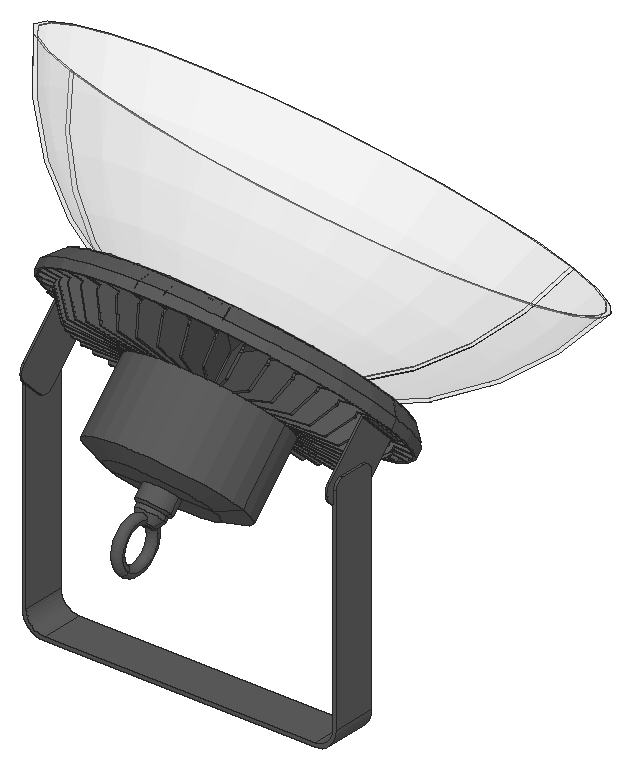
Revit family "0039362+0039353+0039358 Sylvania Lighting Fixture START HighBay IP65 DALI 13000lm 840 MB with BRACKET and PC LAMPSHADE TRANSPARENT 13 19KLM", category Lighting Fixtures, host Face, Revit 2016
Family settings
  Host = Face
  Part Type = Normal
  Round Connector Dimension = Use Diameter
  OmniClass Number = 23.80.70.00
  OmniClass Title = Lighting
  Cut with Voids When Loaded = No
  Light Source = No
  Shared = No
  Room Calculation Point = No
Parameters (values of type "0039362+0039353+0039358  START HighBay IP65 DALI 13000lm 840 MB with BRACKET and PC LAMPSHADE TRANSPARENT 13/19KLM")
  Weight = "3.0 kg"
  Wattage Comments = ""
  WarrantyStartDate [instance] = "n/a"
  WarrantyGuarantorParts = "n/a"
  WarrantyDurationUnit = "n/a"
  WarrantyDurationParts = "n/a"
  WarrantyDescription = "n/a"
  Voltage = 0 V
  URL = "http://www.sylvania-lighting.com"
  TypeName = "START HighBay IP65 DALI 13000lm 840 MB with BRACKET and PC LAMPSHADE TRANSPARENT 13/19KLM"
  TypeHead_FEILO = Start LED Highbay DALI Head : 0039362+0039353+0039358 START HighBay IP65 DALI 13000lm 840 MB with BRACKET and PC LAMPSHADE TRANSPARENT 13/19KLM
  Type Image = <None>
  Type Comments = "n/a"
  TiltAngle_FEILO [instance] = 45.00°
  ThicknessBracketPlate_FEILO = 3 mm
  SizeBracketS_FEILO = yes
  SizeBracketM_FEILO = no
  SerialNumber [instance] = "n/a"
  RadiusBracketTop_FEILO = 7 mm
  RadiusBendOut_FEILO = if(SizeBracketS_FEILO, 18 mm, if(SizeBracketM_FEILO, 24 mm, 28 mm))  # 18 mm
  RadiusBendIn_FEILO = RadiusBendOut_FEILO - ThicknessBracketPlate_FEILO  # 15 mm
  Material_3_FEILO = none
  PowerFactor = 0.95
  PowerConsumption = "90 W"
  NominalLength = 270 mm
  NominalHeight = 175 mm
  NominalDepth = 270 mm
  Name = "START HighBay IP65 DALI 13000lm 840 MB with BRACKET and PC LAMPSHADE TRANSPARENT 13/19KLM"
  ModelReference = Name  # "START HighBay IP65 DALI 13000lm 840 MB with BRACKET and PC LAMPSHADE TRANSPARENT 13/19KLM"
  ModelNumber = "0039362+0039353+0039358"
  Model = Name  # "START HighBay IP65 DALI 13000lm 840 MB with BRACKET and PC LAMPSHADE TRANSPARENT 13/19KLM"
  Material = "aluminium alloy housing, polycarbonate diffuser"
  ManufacturerName = "Feilo Sylvania"
  Manufacturer = "Feilo Sylvania"
  LuminousEfficacy = "130 lm/W"
  LuminaireType = ""
  LightOutputRatio = "n/a"
  LampsType = Lamp  # "LED"
  LampNominalLuminous = "11700 lm"
  LampMacAdamStep = "6"
  LampColourTemperature = "4000 K"
  LampColourRenderingIndex = "80"
  Lamp = "LED"
  Keynote = "16500"
  InstallationDate [instance] = "n/a"
  InputVoltage = "n/a"
  InputNominalFrequency = "50/60 Hz"
  IngressProtection = "IP65"
  ImpactProtectionIndex = "IK08"
  IfcExportType = "IfcLightFixtureType"
  IfcExportAs = "IfcLightFixtureType"
  ExpectedLife = 50000
  EndAngle_FEILO [instance] = TiltAngle_FEILO + 180.00°  # 225.00°
  ElectricShockClassification = "Class I"
  DurationUnit = "hours"
  DocumentationLiterature = "http://www.sylvania-lighting.com/product/en-int/products/0039362"
  DimmingControlOptions = "Dimmable"
  Material_2_FEILO = none
  Description = "START Highbay, includes 1 m cables, black aluminium housing, 11,700 Lm, 90 W, 130 Lm/W, 4000 K, drive current: 2000 mA, CRI 80, 60° beam angle, DALI dimmable, IP65, IK08, 50,000 hrs (L80/B50), (D x H) 270 x 175 mm."
  Default Elevation = 1219.2 mm
  CreatedOn = "5/15/2018"
  CreatedBy = "aron.fodor@sylvania-lighting.com"
  Cost = 0
  built-in parameter 1114216 [instance] = (empty or 0)
  ClassificationValue = "EF_70_80"
  ClassificationName = "Uniclass2015"
  Material_1_FEILO = Body-Sylvania-StartHighbay-Black
  BracketHeight_FEILO = if(SizeBracketS_FEILO, 199.5 mm, if(SizeBracketM_FEILO, 209.6 mm, 201.3 mm))  # 199.5 mm
  BracketDistanceInner_FEILO = if(SizeBracketS_FEILO, 249.4 mm, if(SizeBracketM_FEILO, 273.6 mm, 313.2 mm))  # 249.4 mm
  BarCode [instance] = "n/a"
  AssetType = "Fixed"
  AssetIdentifier [instance] = "n/a"
  Assembly Code = "D5020200"
  Apparent Load = 90 VA
  Material_4_FEILO = none
Reference planes
  plane 1 "Center (Front/Back)": y = 0
  plane 2: z = 0
  plane 3 "Center (Left/Right)": x = 0
  plane 4: x = -127.7
  plane 5: x = 127.7
  plane 6: z = 199.5
  plane 7: x = -124.7
  plane 8: z = 3
  plane 9: x = 124.7
  plane 10: y = 17.5
  plane 11: y = -17.5
  plane 12: y = -19.5
  plane 13: z = 201.5
  plane 14: y = 19.5
  plane 15: z = 190.5
Forms (mm)
  Extrusion 1, solid, material "Body-Sylvania-StartHighbay-Black" <- "Material_1_FEILO"
    sketch origin (0, 0, 0) x (1, 0, 0) y (0, 0, 1)
      loop
        line (-127.7, 199.5) -> (-127.7, 18)
        arc (-127.7, 18) -> (-122.428, 5.272) -> (-109.7, 0) r 18
        line (-109.7, 0) -> (109.7, 0)
        arc (109.7, 0) -> (122.428, 5.272) -> (127.7, 18) r 18
        line (127.7, 18) -> (127.7, 199.5) -> (124.7, 199.5) -> (124.7, 18)
        arc (124.7, 18) -> (120.307, 7.393) -> (109.7, 3) r 15
        line (109.7, 3) -> (-109.7, 3)
        arc (-109.7, 3) -> (-120.307, 7.393) -> (-124.7, 18) r 15
        line (-124.7, 18) -> (-124.7, 199.5) -> (-127.7, 199.5)
    from -17.5 to 17.5
  Extrusion 2, void
    sketch origin (0, 0, 0) x (0, 1, 0) y (0, 0, 1)
      loop
        arc (10.5, 199.5) -> (15.45, 197.45) -> (17.5, 192.5) r 7
        line (17.5, 192.5) -> (19.5, 192.5) -> (19.5, 201.5) -> (-19.5, 201.5) -> (-19.5, 192.5) -> (-17.5, 192.5)
        arc (-17.5, 192.5) -> (-15.45, 197.45) -> (-10.5, 199.5) r 7
        line (-10.5, 199.5) -> (10.5, 199.5)
    from -127.7 to 127.7
  Revolve 3, solid, not visible
    sketch origin (1223.4, -4572, 190.5) x (0, -1, 0) y (1, 0, 0)
      loop
        line (-4572, -1223.4) -> (-4591.5, -1223.4) -> (-4591.5, -1277.783) -> (-4572, -1277.783) -> (-4572, -1223.4)
      axis (-4572, -1223.4) -> (-4572, -1277.783)
    angle from 45 <- "TiltAngle_FEILO" to 225 <- "EndAngle_FEILO"
Cuts and joins
  Extrusion 2 cuts Extrusion 1
Dimensions and locks
  "BracketHeight_FEILO": plane 6 to plane 2
  equal spacing: plane 11, plane 1 "Center (Front/Back)", plane 10
  locked: plane 11 to plane 10 at 35
  equal spacing: plane 9, plane 3 "Center (Left/Right)", plane 7
  "BracketDistanceInner_FEILO": plane 9 to plane 7
  "ThicknessBracketPlate_FEILO": plane 7 to plane 4
  "ThicknessBracketPlate_FEILO": plane 8 to plane 2
  equal spacing: plane 5, plane 3 "Center (Left/Right)", plane 4
  equal spacing: plane 12, plane 1 "Center (Front/Back)", plane 14
  locked: plane 6 to plane 13 at 2
  locked: plane 12 to plane 11 at 2
  locked: plane 6 to plane 15 at 9
  "RadiusBendOut_FEILO": radius of Extrusion 1 sketch curve  (x2)
  "RadiusBendIn_FEILO": radius of Extrusion 1 sketch curve  (x2)
  "RadiusBracketTop_FEILO": radius of Extrusion 2 sketch curve  (x2)
  aligned and locked: plane 2 to host face
  aligned and locked: level to host face
  aligned and locked: Extrusion 1 sketch curve to plane 4
  aligned and locked: Extrusion 1 sketch curve to level
  aligned and locked: plane 6 to Extrusion 1 sketch curve
  aligned and locked: Extrusion 1 sketch curve to plane 6
  aligned and locked: Extrusion 1 sketch curve to plane 7
  aligned and locked: plane 9 to Extrusion 1 sketch curve
  aligned and locked: plane 8 to Extrusion 1 sketch curve
  aligned and locked: Extrusion 1 to plane 10
  aligned and locked: plane 11 to Extrusion 1
  aligned and locked: Extrusion 1 to Extrusion 2 sketch curve
  aligned and locked: plane 14 to Extrusion 2 sketch curve  (x2)
  aligned and locked: Extrusion 2 sketch curve to plane 12
  aligned and locked: plane 13 to Extrusion 2 sketch curve
  aligned and locked: plane 5 to Extrusion 2
  aligned and locked: Extrusion 2 to plane 4
  aligned and locked: Revolve 3 sketch curve to plane 1 "Center (Front/Back)"
  aligned and locked: Revolve 3 sketch curve to Revolve 3 sketch curve
  aligned and locked: plane 3 "Center (Left/Right)" to Revolve 3 sketch curve
  aligned and locked: Revolve 3 sketch curve to plane 14
  aligned and locked: nested 1 to plane 3 "Center (Left/Right)"
Automatic sketch dimensions
  host sketch curve to host sketch curve = 2438.4 mm  (x2)
  Revolve 3 sketch curve to Revolve 3 sketch curve = 54.383 mm
  Revolve 3 sketch curve to plane 4 = 1396.3 mm
  plane 5 to Revolve 3 sketch curve = 1396.3 mm
  Extrusion 1 sketch curve to Extrusion 1 sketch curve = 0 mm
  Extrusion 2 sketch curve to plane 11 = 0 mm
  Extrusion 2 sketch curve to plane 10 = 0 mm
Nested families
  nested 1: "Start LED Highbay DALI Head" at (0, 0, 190.5) x (-1, 0, 0) z (0, 0.7071, 0.7071), type <- "TypeHead_FEILO", type "0039362+0039353+0039358 START HighBay IP65 DALI 13000lm 840 MB with BRACKET and PC LAMPSHADE TRANSPARENT 13/19KLM"
    with built-in parameter 1114216 (empty or 0)
Connectors
  electrical at (0, 0, 0), driven by "Apparent Load", driven by "PowerFactor", driven by "Voltage"
    settings: index 1, voltage 0 V, apparent load 90 VA, apparent load phase1 0 VA, apparent load phase2 0 VA, apparent load phase3 0 VA, power factor 0.95, load classification "Lighting", number of poles 1, system type 30, power factor state 1, is connector primary yes, connector utility no, sub classification motor no, connector description ""
Definition of nested family "Start LED Highbay DALI Head"
  Parameters (values of type "0039367+0039355+0039361 START HighBay IP65 DALI 26000lm 840 WB with BRACKET and PC LAMPSHADE TRANSPARENT FOR 26KLM")
    X_FEILO = if(SizeS_FEILO, 60.3 mm, if(SizeM_FEILO, 70.4 mm, 83.5 mm))  # 83.5 mm
    WidthStraight_FEILO = if(SizeS_FEILO, 3 mm, if(SizeM_FEILO, 4 mm, 4.7 mm))  # 4.7 mm
    WidthRingChamfer_FEILO = if(SizeS_FEILO, 10.3 mm, if(SizeM_FEILO, 11.2 mm, 12.9 mm))  # 12.9 mm
    WidthCurved_FEILO = if(SizeS_FEILO, 17.4 mm, if(SizeM_FEILO, 16.4 mm, 26.2 mm))  # 26.2 mm
    WidthCurvedRing_FEILO = if(SizeS_FEILO, 3 mm, if(SizeM_FEILO, 4 mm, 4.7 mm))  # 4.7 mm
    WidthBracket_FEILO = 40 mm
    Wattage Comments = ""
    Wattage = 190 W
    built-in parameter 1150110 = 1 (stored number, unit not read)
    URL = "http://www.sylvania-lighting.com"
    Type Image = (empty or 0)
    Type Comments = "n/a"
    built-in parameter 1114217 = 1 (stored number, unit not read)
    Tilt Angle = -90.00°
    ThicknessWall_FEILO = 1.5 mm
    ThicknessBracket_FEILO = 1.5 mm
    ThicknessBracketHalf_FEILO = ThicknessBracket_FEILO / 2  # 0.75 mm
    built-in parameter 1150109 = 1 (stored number, unit not read)
    built-in parameter 1150134 = 1
    built-in parameter 1150113 = 1 (stored number, unit not read)
    SizeS_FEILO = no
    SizeM_FEILO = no
    ShadeThickness_FEILO = 3 mm
    ShadeSizeSM_FEILO = or(SizeS_FEILO, SizeM_FEILO)  # no
    ShadeRadiusOut_FEILO = 205 mm
    ShadeRadiusIn_FEILO = if(ShadeSizeSM_FEILO, 95 mm, 121 mm)  # 121 mm
    ShadeRadiusBend_FEILO = if(ShadeSizeSM_FEILO, 210 mm, 210 mm)  # 210 mm
    ShadeOn_FEILO = yes
    ShadeHeight_FEILO = if(ShadeSizeSM_FEILO, 120 mm, 151 mm)  # 151 mm
    Rib4_FEILO = if(SizeS_FEILO, 18.1 mm, if(SizeM_FEILO, 13.6 mm, 14.6 mm))  # 14.6 mm
    Rib3_FEILO = if(SizeS_FEILO, 15.3 mm, if(SizeM_FEILO, 17.6 mm, 20.2 mm))  # 20.2 mm
    Rib2_FEILO = if(SizeS_FEILO, 3.6 mm, if(SizeM_FEILO, 3.9 mm, 4.5 mm))  # 4.5 mm
    Rib1_FEILO = if(SizeS_FEILO, 15.1 mm, if(SizeM_FEILO, 16.5 mm, 19 mm))  # 19 mm
    RadiusDiffuser_FEILO = if(SizeS_FEILO, 95.2 mm, if(SizeM_FEILO, 105.3 mm, 120 mm))  # 120 mm
    RadiusArrayPost_FEILO = DriverRadius_FEILO - 6 mm  # 70.4 mm
    RHRadius3_FEILO = if(SizeS_FEILO, 6.6 mm, if(SizeM_FEILO, 7.4 mm, 8.6 mm))  # 8.6 mm
    RHRadius2_FEILO = if(SizeS_FEILO, 11 mm, if(SizeM_FEILO, 12 mm, 14 mm))  # 14 mm
    RHRadius1_FEILO = if(SizeS_FEILO, 13.6 mm, if(SizeM_FEILO, 14.9 mm, 17.7 mm))  # 17.7 mm
    RHHeight4_FEILO = if(SizeS_FEILO, 7.3 mm, if(SizeM_FEILO, 8 mm, 9.2 mm))  # 9.2 mm
    RHHeight3_FEILO = if(SizeS_FEILO, 3.6 mm, if(SizeM_FEILO, 3.7 mm, 4.6 mm))  # 4.6 mm
    RHHeight2_FEILO = if(SizeS_FEILO, 2 mm, if(SizeM_FEILO, 2.2 mm, 2.6 mm))  # 2.6 mm
    RHHeight1_FEILO = if(SizeS_FEILO, 11.8 mm, if(SizeM_FEILO, 15.3 mm, 17.4 mm))  # 17.4 mm
    Photometric Web File = "0039367+0039361.ies"
    Material_5_FEILO = none
    Material_3_FEILO = none
    Model = "START HighBay IP65 DALI 26000lm 840 WB with BRACKET and PC LAMPSHADE TRANSPARENT FOR 26KLM"
    Manufacturer = "Feilo Sylvania"
    built-in parameter 1150105 = 33385.3 (stored number, unit not read)
    Lumens = 24700 lm
    built-in parameter 1150115 = 1 (stored number, unit not read)
    built-in parameter 1150137 = (empty or 0)
    built-in parameter 1150139 = (empty or 0)
    built-in parameter 1150112 = 1 (stored number, unit not read)
    built-in parameter 1150114 = 1 (stored number, unit not read)
    Lamp = "LED"
    Keynote = "16500"
    built-in parameter 1150132 = (empty or 0)
    built-in parameter 1150102 = (empty or 0)
    built-in parameter 1150107 = 6500 (stored number, unit not read)
    built-in parameter 1150138 = (empty or 0)
    built-in parameter 1150106 = 333.85 (stored number, unit not read)
    HeightRing_FEILO = if(SizeS_FEILO, 19.8 mm, if(SizeM_FEILO, 32 mm, 36.8 mm))  # 36.8 mm
    HeightRingChamfer_FEILO = if(SizeS_FEILO, 11.7 mm, if(SizeM_FEILO, 23.2 mm, 26.6 mm))  # 26.6 mm
    EyeThickness_FEILO = if(SizeS_FEILO, 8.4 mm, if(SizeM_FEILO, 9.2 mm, 10.5 mm))  # 10.5 mm
    EyeThicknessHalf_FEILO = EyeThickness_FEILO / 2  # 5.25 mm
    EyeInner_FEILO = if(SizeS_FEILO, 13.8 mm, if(SizeM_FEILO, 15.1 mm, 17.3 mm))  # 17.3 mm
    Emit from Circle Diameter = RadiusDiffuser_FEILO * 2  # 240 mm
    Emit Shape Visible in Rendering = no
    built-in parameter 1150104 = 12.077 (stored number, unit not read)
    DriverVerticalStraight_FEILO = if(SizeS_FEILO, 46.5 mm, if(SizeM_FEILO, 49.7 mm, 57 mm))  # 57 mm
    DriverVerticalChamfer_FEILO = if(SizeS_FEILO, 7.5 mm, if(SizeM_FEILO, 8.2 mm, 9.5 mm))  # 9.5 mm
    DriverRadius_FEILO = if(SizeS_FEILO, 61.4 mm, if(SizeM_FEILO, 67.2 mm, 76.4 mm))  # 76.4 mm
    DriverRadiusTop_FEILO = if(SizeS_FEILO, 42 mm, if(SizeM_FEILO, 45.3 mm, 52.4 mm))  # 52.4 mm
    DriverBottom_FEILO = if(SizeS_FEILO, 56 mm, if(SizeM_FEILO, 64.5 mm, 74 mm))  # 74 mm
    Material_2_FEILO = none
    Radius_FEILO = if(SizeS_FEILO, 135 mm, if(SizeM_FEILO, 148 mm, 169.5 mm))  # 169.5 mm
    Dimming Lamp Color Temperature Shift = (empty or 0)
    DiameterWire_FEILO = 3 mm
    DiameterWireSupport_FEILO = 10 mm
    Description = "START Highbay, includes 1 m cables, black aluminium housing, 24,700 Lm, 190 W, 130 Lm/W, 6500 K, drive current: 4100 mA, CRI 80, 90° beam angle, DALI dimmable, IP65, IK08, 50,000 hrs (L80/B50), (D x H) 339 x 189 mm."
    Default Elevation = 1219.2 mm
    Cost = 0
    Color Filter = 16777215
    built-in parameter 1114216 [instance] = (empty or 0)
    Material_1_FEILO = none
    built-in parameter 1114218 = 1 (stored number, unit not read)
    built-in parameter 1150133 = 10 (stored number, unit not read)
    Assembly Code = "D5020200"
    Apparent Load = 190 VA
    Material_4_FEILO = none
  Types (24, lengths in mm): name | X_FEILO | WidthStraight_FEILO | WidthRingChamfer_FEILO | WidthCurved_FEILO | WidthCurvedRing_FEILO | Wattage | built-in parameter 1150134 | SizeS_FEILO | SizeM_FEILO | ShadeSizeSM_FEILO | ShadeRadiusIn_FEILO | ShadeOn_FEILO | ShadeHeight_FEILO | Rib4_FEILO | Rib3_FEILO | Rib2_FEILO | Rib1_FEILO | RadiusDiffuser_FEILO | RadiusArrayPost_FEILO | RHRadius3_FEILO | RHRadius2_FEILO | RHRadius1_FEILO | RHHeight4_FEILO | RHHeight3_FEILO | RHHeight2_FEILO | RHHeight1_FEILO | Photometric Web File | Model | built-in parameter 1150105 | Lumens | built-in parameter 1150107 | built-in parameter 1150106 | HeightRing_FEILO | HeightRingChamfer_FEILO | EyeThickness_FEILO | EyeThicknessHalf_FEILO | EyeInner_FEILO | Emit from Circle Diameter | DriverVerticalStraight_FEILO | DriverVerticalChamfer_FEILO | DriverRadius_FEILO | DriverRadiusTop_FEILO | DriverBottom_FEILO | Radius_FEILO | Description | Apparent Load
    0039367+0039355+0039361 START HighBay IP65 DALI 26000lm 840 WB with BRACKET and PC LAMPSHADE TRANSPARENT FOR 26KLM | 83.5 | 4.7 | 12.9 | 26.2 | 4.7 | 190 W | 1 | no | no | no | 121 | yes | 151 | 14.6 | 20.2 | 4.5 | 19 | 120 | 70.4 | 8.6 | 14 | 17.7 | 9.2 | 4.6 | 2.6 | 17.4 | "0039367+0039361.ies" | "START HighBay IP65 DALI 26000lm 840 WB with BRACKET and PC LAMPSHADE TRANSPARENT FOR 26KLM" | 33385.3 (stored number, unit not read) | 24700 lm | 6500 (stored number, unit not read) | 333.85 (stored number, unit not read) | 36.8 | 26.6 | 10.5 | 5.25 | 17.3 | 240 | 57 | 9.5 | 76.4 | 52.4 | 74 | 169.5 | "START Highbay, includes 1 m cables, black aluminium housing, 24,700 Lm, 190 W, 130 Lm/W, 6500 K, drive current: 4100 mA, CRI 80, 90° beam angle, DALI dimmable, IP65, IK08, 50,000 hrs (L80/B50), (D x H) 339 x 189 mm." | 190 VA
    0039367+0039355+0039360 START HighBay IP65 DALI 26000lm 840 WB with BRACKET and ALU SHADE BLACK COLOR FOR 26KLM | 83.5 | 4.7 | 12.9 | 26.2 | 4.7 | 190 W | 1 | no | no | no | 121 | yes | 151 | 14.6 | 20.2 | 4.5 | 19 | 120 | 70.4 | 8.6 | 14 | 17.7 | 9.2 | 4.6 | 2.6 | 17.4 | "0039367+0039360.ies" | "START HighBay IP65 DALI 26000lm 840 WB with BRACKET and ALU SHADE BLACK COLOR FOR 26KLM" | 33569.2 (stored number, unit not read) | 24700 lm | 6500 (stored number, unit not read) | 335.69 (stored number, unit not read) | 36.8 | 26.6 | 10.5 | 5.25 | 17.3 | 240 | 57 | 9.5 | 76.4 | 52.4 | 74 | 169.5 | "START Highbay, includes 1 m cables, black aluminium housing, 24,700 Lm, 190 W, 130 Lm/W, 6500 K, drive current: 4100 mA, CRI 80, 90° beam angle, DALI dimmable, IP65, IK08, 50,000 hrs (L80/B50), (D x H) 339 x 189 mm." | 190 VA
    0039367+0039355+0039359 START HighBay IP65 DALI 26000lm 840 WB with BRACKET and ALU SHADE ALU COLOR FOR 26KLM | 83.5 | 4.7 | 12.9 | 26.2 | 4.7 | 190 W | 1 | no | no | no | 121 | yes | 151 | 14.6 | 20.2 | 4.5 | 19 | 120 | 70.4 | 8.6 | 14 | 17.7 | 9.2 | 4.6 | 2.6 | 17.4 | "0039367+0039359.ies" | "START HighBay IP65 DALI 26000lm 840 WB with BRACKET and ALU SHADE ALU COLOR FOR 26KLM" | 33569.2 (stored number, unit not read) | 24700 lm | 6500 (stored number, unit not read) | 335.69 (stored number, unit not read) | 36.8 | 26.6 | 10.5 | 5.25 | 17.3 | 240 | 57 | 9.5 | 76.4 | 52.4 | 74 | 169.5 | "START Highbay, includes 1 m cables, black aluminium housing, 24,700 Lm, 190 W, 130 Lm/W, 6500 K, drive current: 4100 mA, CRI 80, 90° beam angle, DALI dimmable, IP65, IK08, 50,000 hrs (L80/B50), (D x H) 339 x 189 mm." | 190 VA
    0039367+0039355 START HighBay IP65 DALI 26000lm 840 WB with BRACKET | 83.5 | 4.7 | 12.9 | 26.2 | 4.7 | 190 W | 1 | no | no | no | 121 | no | 151 | 14.6 | 20.2 | 4.5 | 19 | 120 | 70.4 | 8.6 | 14 | 17.7 | 9.2 | 4.6 | 2.6 | 17.4 | "0039367.ies" | "START HighBay IP65 DALI 26000lm 840 WB with BRACKET" | 13532 (stored number, unit not read) | 24700 lm | 6500 (stored number, unit not read) | 135.32 (stored number, unit not read) | 36.8 | 26.6 | 10.5 | 5.25 | 17.3 | 240 | 57 | 9.5 | 76.4 | 52.4 | 74 | 169.5 | "START Highbay, includes 1 m cables, black aluminium housing, 24,700 Lm, 190 W, 130 Lm/W, 6500 K, drive current: 4100 mA, CRI 80, 90° beam angle, DALI dimmable, IP65, IK08, 50,000 hrs (L80/B50), (D x H) 339 x 189 mm." | 190 VA
    0039366+0039354+0039358 START HighBay IP65 DALI 19000lm 840 WB with BRACKET and PC LAMPSHADE TRANSPARENT 13/19KLM | 70.4 | 4 | 11.2 | 16.4 | 4 | 150 W | 1 | no | yes | yes | 95 | yes | 120 | 13.6 | 17.6 | 3.9 | 16.5 | 105.3 | 61.2 | 7.4 | 12 | 14.9 | 8 | 3.7 | 2.2 | 15.3 | "0039366+0039358.ies" | "START HighBay IP65 DALI 19000lm 840 WB with BRACKET and PC LAMPSHADE TRANSPARENT 13/19KLM" | 26356.9 (stored number, unit not read) | 19500 lm | 6500 (stored number, unit not read) | 263.57 (stored number, unit not read) | 32 | 23.2 | 9.2 | 4.6 | 15.1 | 210.6 | 49.7 | 8.2 | 67.2 | 45.3 | 64.5 | 148 | "START Highbay, includes 1 m cables, black aluminium housing, 19,500 Lm, 150 W, 130 Lm/W, 6500 K, drive current: 3300 mA, CRI 80, 90° beam angle, DALI dimmable, IP65, IK08, 50,000 hrs (L80/B50), (D x H) 296 x 172 mm." | 150 VA
    0039366+0039354+0039357 START HighBay IP65 DALI 19000lm 840 WB with BRACKET and ALU SHADE BLACK COLOR FOR 13/19KLM | 70.4 | 4 | 11.2 | 16.4 | 4 | 150 W | 1 | no | yes | yes | 95 | yes | 120 | 13.6 | 17.6 | 3.9 | 16.5 | 105.3 | 61.2 | 7.4 | 12 | 14.9 | 8 | 3.7 | 2.2 | 15.3 | "0039366+0039357.ies" | "START HighBay IP65 DALI 19000lm 840 WB with BRACKET and ALU SHADE BLACK COLOR FOR 13/19KLM" | 26502 (stored number, unit not read) | 19500 lm | 6500 (stored number, unit not read) | 265.02 (stored number, unit not read) | 32 | 23.2 | 9.2 | 4.6 | 15.1 | 210.6 | 49.7 | 8.2 | 67.2 | 45.3 | 64.5 | 148 | "START Highbay, includes 1 m cables, black aluminium housing, 19,500 Lm, 150 W, 130 Lm/W, 6500 K, drive current: 3300 mA, CRI 80, 90° beam angle, DALI dimmable, IP65, IK08, 50,000 hrs (L80/B50), (D x H) 296 x 172 mm." | 150 VA
    0039366+0039354+0039356 START HighBay IP65 DALI 19000lm 840 WB with BRACKET and ALU SHADE ALU COLOR FOR 13/19KLM | 70.4 | 4 | 11.2 | 16.4 | 4 | 150 W | 1 | no | yes | yes | 95 | yes | 120 | 13.6 | 17.6 | 3.9 | 16.5 | 105.3 | 61.2 | 7.4 | 12 | 14.9 | 8 | 3.7 | 2.2 | 15.3 | "0039366+0039356.ies" | "START HighBay IP65 DALI 19000lm 840 WB with BRACKET and ALU SHADE ALU COLOR FOR 13/19KLM" | 26502 (stored number, unit not read) | 19500 lm | 6500 (stored number, unit not read) | 265.02 (stored number, unit not read) | 32 | 23.2 | 9.2 | 4.6 | 15.1 | 210.6 | 49.7 | 8.2 | 67.2 | 45.3 | 64.5 | 148 | "START Highbay, includes 1 m cables, black aluminium housing, 19,500 Lm, 150 W, 130 Lm/W, 6500 K, drive current: 3300 mA, CRI 80, 90° beam angle, DALI dimmable, IP65, IK08, 50,000 hrs (L80/B50), (D x H) 296 x 172 mm." | 150 VA
    0039366+0039354 START HighBay IP65 DALI 19000lm 840 WB with BRACKET | 70.4 | 4 | 11.2 | 16.4 | 4 | 150 W | 1 | no | yes | yes | 95 | no | 120 | 13.6 | 17.6 | 3.9 | 16.5 | 105.3 | 61.2 | 7.4 | 12 | 14.9 | 8 | 3.7 | 2.2 | 15.3 | "0039366.ies" | "START HighBay IP65 DALI 19000lm 840 WB with BRACKET" | 10981.5 (stored number, unit not read) | 19500 lm | 6500 (stored number, unit not read) | 109.82 (stored number, unit not read) | 32 | 23.2 | 9.2 | 4.6 | 15.1 | 210.6 | 49.7 | 8.2 | 67.2 | 45.3 | 64.5 | 148 | "START Highbay, includes 1 m cables, black aluminium housing, 19,500 Lm, 150 W, 130 Lm/W, 6500 K, drive current: 3300 mA, CRI 80, 90° beam angle, DALI dimmable, IP65, IK08, 50,000 hrs (L80/B50), (D x H) 296 x 172 mm." | 150 VA
    0039365+0039353+0039358 START HighBay IP65 DALI 13000lm 840 WB with BRACKET and PC LAMPSHADE TRANSPARENT 13/19KLM | 60.3 | 3 | 10.3 | 17.4 | 3 | 90 W | 1 | yes | no | yes | 95 | yes | 120 | 18.1 | 15.3 | 3.6 | 15.1 | 95.2 | 55.4 | 6.6 | 11 | 13.6 | 7.3 | 3.6 | 2 | 11.8 | "0039365+0039358.ies" | "START HighBay IP65 DALI 13000lm 840 WB with BRACKET and PC LAMPSHADE TRANSPARENT 13/19KLM" | 15814.1 (stored number, unit not read) | 11700 lm | 6500 (stored number, unit not read) | 158.14 (stored number, unit not read) | 19.8 | 11.7 | 8.4 | 4.2 | 13.8 | 190.4 | 46.5 | 7.5 | 61.4 | 42 | 56 | 135 | "START Highbay, includes 1 m cables, black aluminium housing, 11,700 Lm, 90 W, 130 Lm/W, 6500 K, drive current: 2000 mA, CRI 80, 90° beam angle, DALI dimmable, IP65, IK08, 50,000 hrs (L80/B50), (D x H) 270 x 175 mm." | 90 VA
    0039365+0039353+0039357 START HighBay IP65 DALI 13000lm 840 WB with BRACKET and ALU SHADE BLACK COLOR FOR 13/19KLM | 60.3 | 3 | 10.3 | 17.4 | 3 | 90 W | 1 | yes | no | yes | 95 | yes | 120 | 18.1 | 15.3 | 3.6 | 15.1 | 95.2 | 55.4 | 6.6 | 11 | 13.6 | 7.3 | 3.6 | 2 | 11.8 | "0039365+0039357.ies" | "START HighBay IP65 DALI 13000lm 840 WB with BRACKET and ALU SHADE BLACK COLOR FOR 13/19KLM" | 15901.2 (stored number, unit not read) | 11700 lm | 6500 (stored number, unit not read) | 159.01 (stored number, unit not read) | 19.8 | 11.7 | 8.4 | 4.2 | 13.8 | 190.4 | 46.5 | 7.5 | 61.4 | 42 | 56 | 135 | "START Highbay, includes 1 m cables, black aluminium housing, 11,700 Lm, 90 W, 130 Lm/W, 6500 K, drive current: 2000 mA, CRI 80, 90° beam angle, DALI dimmable, IP65, IK08, 50,000 hrs (L80/B50), (D x H) 270 x 175 mm." | 90 VA
    0039365+0039353+0039356 START HighBay IP65 DALI 13000lm 840 WB with BRACKET and ALU SHADE ALU COLOR FOR 13/19KLM | 60.3 | 3 | 10.3 | 17.4 | 3 | 90 W | 1 | yes | no | yes | 95 | yes | 120 | 18.1 | 15.3 | 3.6 | 15.1 | 95.2 | 55.4 | 6.6 | 11 | 13.6 | 7.3 | 3.6 | 2 | 11.8 | "0039365+0039356.ies" | "START HighBay IP65 DALI 13000lm 840 WB with BRACKET and ALU SHADE ALU COLOR FOR 13/19KLM" | 15901.2 (stored number, unit not read) | 11700 lm | 6500 (stored number, unit not read) | 159.01 (stored number, unit not read) | 19.8 | 11.7 | 8.4 | 4.2 | 13.8 | 190.4 | 46.5 | 7.5 | 61.4 | 42 | 56 | 135 | "START Highbay, includes 1 m cables, black aluminium housing, 11,700 Lm, 90 W, 130 Lm/W, 6500 K, drive current: 2000 mA, CRI 80, 90° beam angle, DALI dimmable, IP65, IK08, 50,000 hrs (L80/B50), (D x H) 270 x 175 mm." | 90 VA
    0039365+0039353 START HighBay IP65 DALI 13000lm 840 WB with BRACKET | 60.3 | 3 | 10.3 | 17.4 | 3 | 90 W | 1 | yes | no | yes | 95 | no | 120 | 18.1 | 15.3 | 3.6 | 15.1 | 95.2 | 55.4 | 6.6 | 11 | 13.6 | 7.3 | 3.6 | 2 | 11.8 | "0039365.ies" | "START HighBay IP65 DALI 13000lm 840 WB with BRACKET" | 6365.5 (stored number, unit not read) | 11700 lm | 6500 (stored number, unit not read) | 63.655 (stored number, unit not read) | 19.8 | 11.7 | 8.4 | 4.2 | 13.8 | 190.4 | 46.5 | 7.5 | 61.4 | 42 | 56 | 135 | "START Highbay, includes 1 m cables, black aluminium housing, 11,700 Lm, 90 W, 130 Lm/W, 6500 K, drive current: 2000 mA, CRI 80, 90° beam angle, DALI dimmable, IP65, IK08, 50,000 hrs (L80/B50), (D x H) 270 x 175 mm." | 90 VA
    0039364+0039355+0039361 START HighBay IP65 DALI 26000lm 840 MB with BRACKET and PC LAMPSHADE TRANSPARENT FOR 26KLM | 83.5 | 4.7 | 12.9 | 26.2 | 4.7 | 190 W | 12 | no | no | no | 121 | yes | 151 | 14.6 | 20.2 | 4.5 | 19 | 120 | 70.4 | 8.6 | 14 | 17.7 | 9.2 | 4.6 | 2.6 | 17.4 | "0039364+0039361.ies" | "START HighBay IP65 DALI 26000lm 840 MB with BRACKET and PC LAMPSHADE TRANSPARENT FOR 26KLM" | 33385.3 (stored number, unit not read) | 24700 lm | 4000 (stored number, unit not read) | 333.85 (stored number, unit not read) | 36.8 | 26.6 | 10.5 | 5.25 | 17.3 | 240 | 57 | 9.5 | 76.4 | 52.4 | 74 | 169.5 | "START Highbay, includes 1 m cables, black aluminium housing, 24,700 Lm, 190 W, 130 Lm/W, 4000 K, drive current: 4100 mA, CRI 80, 60° beam angle, DALI dimmable, IP65, IK08, 50,000 hrs (L80/B50), (D x H) 339 x 189 mm." | 190 VA
    0039364+0039355+0039360 START HighBay IP65 DALI 26000lm 840 MB with BRACKET and ALU SHADE BLACK COLOR FOR 26KLM | 83.5 | 4.7 | 12.9 | 26.2 | 4.7 | 190 W | 12 | no | no | no | 121 | yes | 151 | 14.6 | 20.2 | 4.5 | 19 | 120 | 70.4 | 8.6 | 14 | 17.7 | 9.2 | 4.6 | 2.6 | 17.4 | "0039364+0039360.ies" | "START HighBay IP65 DALI 26000lm 840 MB with BRACKET and ALU SHADE BLACK COLOR FOR 26KLM" | 33569.2 (stored number, unit not read) | 24700 lm | 4000 (stored number, unit not read) | 335.69 (stored number, unit not read) | 36.8 | 26.6 | 10.5 | 5.25 | 17.3 | 240 | 57 | 9.5 | 76.4 | 52.4 | 74 | 169.5 | "START Highbay, includes 1 m cables, black aluminium housing, 24,700 Lm, 190 W, 130 Lm/W, 4000 K, drive current: 4100 mA, CRI 80, 60° beam angle, DALI dimmable, IP65, IK08, 50,000 hrs (L80/B50), (D x H) 339 x 189 mm." | 190 VA
    0039364+0039355+0039359 START HighBay IP65 DALI 26000lm 840 MB with BRACKET and ALU SHADE ALU COLOR FOR 26KLM | 83.5 | 4.7 | 12.9 | 26.2 | 4.7 | 190 W | 12 | no | no | no | 121 | yes | 151 | 14.6 | 20.2 | 4.5 | 19 | 120 | 70.4 | 8.6 | 14 | 17.7 | 9.2 | 4.6 | 2.6 | 17.4 | "0039364+0039359.ies" | "START HighBay IP65 DALI 26000lm 840 MB with BRACKET and ALU SHADE ALU COLOR FOR 26KLM" | 33569.2 (stored number, unit not read) | 24700 lm | 4000 (stored number, unit not read) | 335.69 (stored number, unit not read) | 36.8 | 26.6 | 10.5 | 5.25 | 17.3 | 240 | 57 | 9.5 | 76.4 | 52.4 | 74 | 169.5 | "START Highbay, includes 1 m cables, black aluminium housing, 24,700 Lm, 190 W, 130 Lm/W, 4000 K, drive current: 4100 mA, CRI 80, 60° beam angle, DALI dimmable, IP65, IK08, 50,000 hrs (L80/B50), (D x H) 339 x 189 mm." | 190 VA
    0039364+0039355 START HighBay IP65 DALI 26000lm 840 MB with BRACKET | 83.5 | 4.7 | 12.9 | 26.2 | 4.7 | 190 W | 12 | no | no | no | 121 | no | 151 | 14.6 | 20.2 | 4.5 | 19 | 120 | 70.4 | 8.6 | 14 | 17.7 | 9.2 | 4.6 | 2.6 | 17.4 | "0039364.ies" | "START HighBay IP65 DALI 26000lm 840 MB with BRACKET" | 26901.8 (stored number, unit not read) | 24700 lm | 4000 (stored number, unit not read) | 269.02 (stored number, unit not read) | 36.8 | 26.6 | 10.5 | 5.25 | 17.3 | 240 | 57 | 9.5 | 76.4 | 52.4 | 74 | 169.5 | "START Highbay, includes 1 m cables, black aluminium housing, 24,700 Lm, 190 W, 130 Lm/W, 4000 K, drive current: 4100 mA, CRI 80, 60° beam angle, DALI dimmable, IP65, IK08, 50,000 hrs (L80/B50), (D x H) 339 x 189 mm." | 190 VA
    0039363+0039354+0039358 START HighBay IP65 DALI 19000lm 840 MB with BRACKET and PC LAMPSHADE TRANSPARENT 13/19KLM | 70.4 | 4 | 11.2 | 16.4 | 4 | 150 W | 12 | no | yes | yes | 95 | yes | 120 | 13.6 | 17.6 | 3.9 | 16.5 | 105.3 | 61.2 | 7.4 | 12 | 14.9 | 8 | 3.7 | 2.2 | 15.3 | "0039363+0039358.ies" | "START HighBay IP65 DALI 19000lm 840 MB with BRACKET and PC LAMPSHADE TRANSPARENT 13/19KLM" | 26356.9 (stored number, unit not read) | 19500 lm | 4000 (stored number, unit not read) | 263.57 (stored number, unit not read) | 32 | 23.2 | 9.2 | 4.6 | 15.1 | 210.6 | 49.7 | 8.2 | 67.2 | 45.3 | 64.5 | 148 | "START Highbay, includes 1 m cables, black aluminium housing, 19,500 Lm, 150 W, 130 Lm/W, 4000 K, drive current: 3300 mA, CRI 80, 60° beam angle, DALI dimmable, IP65, IK08, 50,000 hrs (L80/B50), (D x H) 296 x 172 mm." | 150 VA
    0039363+0039354+0039357 START HighBay IP65 DALI 19000lm 840 MB with BRACKET and ALU SHADE BLACK COLOR FOR 13/19KLM | 70.4 | 4 | 11.2 | 16.4 | 4 | 150 W | 12 | no | yes | yes | 95 | yes | 120 | 13.6 | 17.6 | 3.9 | 16.5 | 105.3 | 61.2 | 7.4 | 12 | 14.9 | 8 | 3.7 | 2.2 | 15.3 | "0039363+0039357.ies" | "START HighBay IP65 DALI 19000lm 840 MB with BRACKET and ALU SHADE BLACK COLOR FOR 13/19KLM" | 26502 (stored number, unit not read) | 19500 lm | 4000 (stored number, unit not read) | 265.02 (stored number, unit not read) | 32 | 23.2 | 9.2 | 4.6 | 15.1 | 210.6 | 49.7 | 8.2 | 67.2 | 45.3 | 64.5 | 148 | "START Highbay, includes 1 m cables, black aluminium housing, 19,500 Lm, 150 W, 130 Lm/W, 4000 K, drive current: 3300 mA, CRI 80, 60° beam angle, DALI dimmable, IP65, IK08, 50,000 hrs (L80/B50), (D x H) 296 x 172 mm." | 150 VA
    0039363+0039354+0039356 START HighBay IP65 DALI 19000lm 840 MB with BRACKET and ALU SHADE ALU COLOR FOR 13/19KLM | 70.4 | 4 | 11.2 | 16.4 | 4 | 150 W | 12 | no | yes | yes | 95 | yes | 120 | 13.6 | 17.6 | 3.9 | 16.5 | 105.3 | 61.2 | 7.4 | 12 | 14.9 | 8 | 3.7 | 2.2 | 15.3 | "0039363+0039356.ies" | "START HighBay IP65 DALI 19000lm 840 MB with BRACKET and ALU SHADE ALU COLOR FOR 13/19KLM" | 26502 (stored number, unit not read) | 19500 lm | 4000 (stored number, unit not read) | 265.02 (stored number, unit not read) | 32 | 23.2 | 9.2 | 4.6 | 15.1 | 210.6 | 49.7 | 8.2 | 67.2 | 45.3 | 64.5 | 148 | "START Highbay, includes 1 m cables, black aluminium housing, 19,500 Lm, 150 W, 130 Lm/W, 4000 K, drive current: 3300 mA, CRI 80, 60° beam angle, DALI dimmable, IP65, IK08, 50,000 hrs (L80/B50), (D x H) 296 x 172 mm." | 150 VA
    0039363+0039354 START HighBay IP65 DALI 19000lm 840 MB with BRACKET | 70.4 | 4 | 11.2 | 16.4 | 4 | 150 W | 12 | no | yes | yes | 95 | no | 120 | 13.6 | 17.6 | 3.9 | 16.5 | 105.3 | 61.2 | 7.4 | 12 | 14.9 | 8 | 3.7 | 2.2 | 15.3 | "0039363.ies" | "START HighBay IP65 DALI 19000lm 840 MB with BRACKET" | 22125.4 (stored number, unit not read) | 19500 lm | 4000 (stored number, unit not read) | 221.25 (stored number, unit not read) | 32 | 23.2 | 9.2 | 4.6 | 15.1 | 210.6 | 49.7 | 8.2 | 67.2 | 45.3 | 64.5 | 148 | "START Highbay, includes 1 m cables, black aluminium housing, 19,500 Lm, 150 W, 130 Lm/W, 4000 K, drive current: 3300 mA, CRI 80, 60° beam angle, DALI dimmable, IP65, IK08, 50,000 hrs (L80/B50), (D x H) 296 x 172 mm." | 150 VA
    0039362+0039353+0039358 START HighBay IP65 DALI 13000lm 840 MB with BRACKET and PC LAMPSHADE TRANSPARENT 13/19KLM | 60.3 | 3 | 10.3 | 17.4 | 3 | 90 W | 12 | yes | no | yes | 95 | yes | 120 | 18.1 | 15.3 | 3.6 | 15.1 | 95.2 | 55.4 | 6.6 | 11 | 13.6 | 7.3 | 3.6 | 2 | 11.8 | "0039362+0039358.ies" | "START HighBay IP65 DALI 13000lm 840 MB with BRACKET and PC LAMPSHADE TRANSPARENT 13/19KLM" | 15814.1 (stored number, unit not read) | 11700 lm | 4000 (stored number, unit not read) | 158.14 (stored number, unit not read) | 19.8 | 11.7 | 8.4 | 4.2 | 13.8 | 190.4 | 46.5 | 7.5 | 61.4 | 42 | 56 | 135 | "START Highbay, includes 1 m cables, black aluminium housing, 11,700 Lm, 90 W, 130 Lm/W, 4000 K, drive current: 2000 mA, CRI 80, 60° beam angle, DALI dimmable, IP65, IK08, 50,000 hrs (L80/B50), (D x H) 270 x 175 mm." | 90 VA
    0039362+0039353+0039357 START HighBay IP65 DALI 13000lm 840 MB with BRACKET and ALU SHADE BLACK COLOR FOR 13/19KLM | 60.3 | 3 | 10.3 | 17.4 | 3 | 90 W | 12 | yes | no | yes | 95 | yes | 120 | 18.1 | 15.3 | 3.6 | 15.1 | 95.2 | 55.4 | 6.6 | 11 | 13.6 | 7.3 | 3.6 | 2 | 11.8 | "0039362+0039357.ies" | "START HighBay IP65 DALI 13000lm 840 MB with BRACKET and ALU SHADE BLACK COLOR FOR 13/19KLM" | 15901.2 (stored number, unit not read) | 11700 lm | 4000 (stored number, unit not read) | 159.01 (stored number, unit not read) | 19.8 | 11.7 | 8.4 | 4.2 | 13.8 | 190.4 | 46.5 | 7.5 | 61.4 | 42 | 56 | 135 | "START Highbay, includes 1 m cables, black aluminium housing, 11,700 Lm, 90 W, 130 Lm/W, 4000 K, drive current: 2000 mA, CRI 80, 60° beam angle, DALI dimmable, IP65, IK08, 50,000 hrs (L80/B50), (D x H) 270 x 175 mm." | 90 VA
    0039362+0039353+0039356 START HighBay IP65 DALI 13000lm 840 MB with BRACKET and ALU SHADE ALU COLOR FOR 13/19KLM | 60.3 | 3 | 10.3 | 17.4 | 3 | 90 W | 12 | yes | no | yes | 95 | yes | 120 | 18.1 | 15.3 | 3.6 | 15.1 | 95.2 | 55.4 | 6.6 | 11 | 13.6 | 7.3 | 3.6 | 2 | 11.8 | "0039362+0039356.ies" | "START HighBay IP65 DALI 13000lm 840 MB with BRACKET and ALU SHADE ALU COLOR FOR 13/19KLM" | 15901.2 (stored number, unit not read) | 11700 lm | 4000 (stored number, unit not read) | 159.01 (stored number, unit not read) | 19.8 | 11.7 | 8.4 | 4.2 | 13.8 | 190.4 | 46.5 | 7.5 | 61.4 | 42 | 56 | 135 | "START Highbay, includes 1 m cables, black aluminium housing, 11,700 Lm, 90 W, 130 Lm/W, 4000 K, drive current: 2000 mA, CRI 80, 60° beam angle, DALI dimmable, IP65, IK08, 50,000 hrs (L80/B50), (D x H) 270 x 175 mm." | 90 VA
    0039362+0039353 START HighBay IP65 DALI 13000lm 840 MB with BRACKET | 60.3 | 3 | 10.3 | 17.4 | 3 | 90 W | 12 | yes | no | yes | 95 | no | 120 | 18.1 | 15.3 | 3.6 | 15.1 | 95.2 | 55.4 | 6.6 | 11 | 13.6 | 7.3 | 3.6 | 2 | 11.8 | "0039362.ies" | "START HighBay IP65 DALI 13000lm 840 MB with BRACKET" | 13336.9 (stored number, unit not read) | 11700 lm | 4000 (stored number, unit not read) | 133.37 (stored number, unit not read) | 19.8 | 11.7 | 8.4 | 4.2 | 13.8 | 190.4 | 46.5 | 7.5 | 61.4 | 42 | 56 | 135 | "START Highbay, includes 1 m cables, black aluminium housing, 11,700 Lm, 90 W, 130 Lm/W, 4000 K, drive current: 2000 mA, CRI 80, 60° beam angle, DALI dimmable, IP65, IK08, 50,000 hrs (L80/B50), (D x H) 270 x 175 mm." | 90 VA
  Reference planes
    plane 1 "Center (Front/Back)": y = 0
    plane 2: z = 0
    plane 3 "Center (Left/Right)": x = 0
    plane 4: z = 83.5
    plane 5: x = -169.5
    plane 6: x = -156.6
    plane 7: z = 56.9
    plane 8: z = 46.7
    plane 9: x = -151.9
    plane 10: z = 80.875
    plane 11: x = -125.7
    plane 12: x = -120
    plane 13: x = -147.2
    plane 14: z = 81.875
    plane 15: z = 79.875
    plane 16: x = -117
    plane 17: z = 78.875
    plane 18: x = -168
    plane 19: x = -150.5
    plane 20: z = 42.2
    plane 21: x = -130.3
    plane 22: z = 27.6
    plane 23: x = -20
    plane 24: z = 9.5
    plane 25: x = -76.4
    plane 26: z = -47.5
    plane 27: x = -52.4
    plane 28: z = -57
    plane 29: x = -17.7
    plane 30: z = -74.4
    plane 31: z = -77
    plane 32: x = -14
    plane 33: z = -81.6
    plane 34: z = -90.8
    plane 35: x = -8.6
    plane 36: z = -108.1
    plane 37: z = -125.4
    plane 38: x = 5.25
    plane 39: x = -5.25
    plane 40: z = -135.9
    plane 41: z = -130.65
    plane 42: x = -162.3
    plane 43: x = -167
    plane 44: z = 45.2
    plane 45: x = -155.1
    plane 46: z = -19
    plane 47: y = -20
    plane 48: y = 20
    plane 49: x = 169.5
    plane 50: x = 156.6
    plane 51: x = 168
    plane 52: x = 162.3
    plane 53: x = 167
    plane 54: x = 155.1
    plane 55: x = -205
    plane 56: z = 234.5
    plane 57: x = -121
    plane 58: x = -113
    plane 59: x = -202
    plane 60: z = 86.5
  Forms (mm)
    Extrusion 1, solid
      sketch origin (4.2, 0, 0) x (1, 0, 0) y (0, 1, 0)
        loop
          line (-1219.2, 1219.2) -> (-1219.2, -1219.2) -> (1219.2, -1219.2) -> (1219.2, 1219.2) -> (-1219.2, 1219.2)
      from 0 to -68.017
    Revolve 2, solid, material <- "Material_1_FEILO", detail levels medium+fine
      sketch origin (0, 0, 0) x (1, 0, 0) y (0, 0, 1)
        loop
          line (-169.5, 46.7) -> (-168, 46.7) -> (-168, 56.555) -> (-156.206, 80.875) -> (-147.2, 80.875) -> (-147.2, 82.637)
          arc (-147.2, 82.637) -> (-149.554, 83.047) -> (-151.9, 83.5) r 132.063
          line (-151.9, 83.5) -> (-156.141, 83.5)
          arc (-156.141, 83.5) -> (-156.63, 83.326) -> (-156.899, 82.883) r 0.774
          line (-156.899, 82.883) -> (-169.5, 56.9) -> (-169.5, 46.7)
        axis (0, 83.5) -> (0, 46.7)
      angle from 360 to 0
    Revolve 3, solid, material <- "Material_1_FEILO", detail levels medium+fine
      sketch origin (0, 0, 0) x (1, 0, 0) y (0, 0, 1)
        loop
          line (-125.7, 78.875) -> (-120, 78.875) -> (-120, 56.9) -> (0, 56.9) -> (0, 78.875) -> (-117, 78.875) -> (-117, 79.875) -> (-120, 79.875) -> (-120, 80.875) -> (-125.7, 80.875) -> (-125.7, 78.875)
        axis (0, 80.875) -> (0, 56.9)
      angle from 360 to 0
    Revolve 4, solid, material <- "Material_2_FEILO", detail levels medium+fine
      sketch origin (0, 0, 0) x (1, 0, 0) y (0, 0, 1)
        loop
          line (-120, 79.875) -> (0, 79.875) -> (0, 81.875) -> (-120, 81.875) -> (-120, 79.875)
        axis (0, 81.875) -> (0, 79.875)
      angle from 360 to 0
    Revolve 5, solid, material <- "Material_1_FEILO"
      sketch origin (0, 0, 0) x (1, 0, 0) y (0, 0, 1)
        loop
          line (-76.4, 27.6) -> (-76.4, -47.5) -> (-52.4, -57) -> (-17.7, -57) -> (-17.7, -74.4) -> (-14, -77) -> (-14, -81.6) -> (-9.037, -90.074)
          arc (-9.037, -90.074) -> (-8.49, -90.606) -> (-7.753, -90.8) r 1.5
          line (-7.753, -90.8) -> (0, -90.8) -> (0, 27.6) -> (-76.4, 27.6)
        axis (0, 27.6) -> (0, -90.8)
      angle from 360 to 0
    Revolve 6, solid, material <- "Material_1_FEILO"
      sketch origin (0, 0, 0) x (1, 0, 0) y (0, 0, 1)
        loop
          circle (0, -130.65) r 5.25
        axis (5.25, -108.1) -> (-5.25, -108.1)
      angle from 360 to 0
    Extrusion 7, solid, material <- "Material_1_FEILO"
      sketch origin (0, 0, 0) x (1, 0, 0) y (0, 0, 1)
        loop
          line (-167, 46.7) -> (-167, 45.2) -> (-157.35, 45.2)
          arc (-157.35, 45.2) -> (-156.82, 44.98) -> (-156.6, 44.45) r 0.75
          line (-156.6, 44.45) -> (-156.6, -19) -> (-155.1, -19) -> (-155.1, 45.2)
          arc (-155.1, 45.2) -> (-155.539, 46.261) -> (-156.6, 46.7) r 1.5
          line (-156.6, 46.7) -> (-167, 46.7)
        loop
          line (167, 46.7) -> (156.6, 46.7)
          arc (156.6, 46.7) -> (155.539, 46.261) -> (155.1, 45.2) r 1.5
          line (155.1, 45.2) -> (155.1, -19) -> (156.6, -19) -> (156.6, 44.45)
          arc (156.6, 44.45) -> (156.82, 44.98) -> (157.35, 45.2) r 0.75
          line (157.35, 45.2) -> (167, 45.2) -> (167, 46.7)
      from -20 to 20
    Extrusion 8, void
      sketch origin (0, 0, 0) x (0, 1, 0) y (0, 0, 1)
        loop
          arc (-10, -19) -> (-17.071, -16.071) -> (-20, -9) r 10
          line (-20, -9) -> (-25, -9) -> (-25, -24) -> (-10, -24) -> (-10, -19)
        loop
          line (10, -19) -> (10, -24) -> (25, -24) -> (25, -9) -> (20, -9)
          arc (20, -9) -> (17.071, -16.071) -> (10, -19) r 10
      from -156.6 to 156.6
    Revolve 9, solid, material <- "Material_1_FEILO", detail levels coarse
      sketch origin (0, 0, 0) x (1, 0, 0) y (0, 0, 1)
        loop
          line (0, 83.5) -> (-156.6, 83.5) -> (-169.5, 56.9) -> (-169.5, 46.7) -> (-150.5, 46.7) -> (-150.5, 42.2) -> (-130.3, 27.6) -> (0, 27.6) -> (0, 83.5)
        axis (0, 83.5) -> (0, 27.6)
      angle from 360 to 0
    Revolve 10, solid, material <- "Material_4_FEILO", visible <- "ShadeOn_FEILO"
      sketch origin (0, 0, 0) x (1, 0, 0) y (0, 0, 1)
        loop
          line (-121, 83.5) -> (-113, 83.5) -> (-113, 86.5) -> (-120.341, 86.5)
          arc (-120.341, 86.5) -> (-177.055, 151.769) -> (-202.193, 234.5) r 207.203
          line (-202.193, 234.5) -> (-205, 234.5)
          arc (-205, 234.5) -> (-179.25, 149.96) -> (-121, 83.5) r 210
        axis (0, 234.5) -> (0, 83.5)
      angle from 360 to 0
  Cuts and joins
    Extrusion 8 cuts Extrusion 7
  Lines and regions (mm)
    reference lines
      curve 1: line (-169.5, 0, 56.9) -> (-156.6, 0, 83.5)
      curve 2: line (-125.7, 0, 80.875) -> (0, 0, 80.875)
      curve 3: arc (-125.7, 0, 80.875) -> (-138.866, 0, 81.533) -> (-151.9, 0, 83.5) r 132.063
      curve 4: line (-156.6, 0, 83.5) -> (-151.9, 0, 83.5)
      curve 5: line (-156.206, 0, 80.875) -> (-168, 0, 56.555)
      curve 6: line (-150.5, 0, 42.2) -> (-130.3, 0, 27.6)
      curve 7: line (-14, 0, -81.6) -> (-8.6, 0, -90.8)
      curve 8: circle (0, 0, -130.65) r 5.25 normal (0, -1, 0)
      curve 9: arc (-121, 0, 83.5) -> (-179.25, 0, 149.96) -> (-205, 0, 234.5) r 210
  Dimensions and locks
    "Radius_FEILO": plane 3 "Center (Left/Right)" to plane 5
    "WidthRingChamfer_FEILO": plane 6 to plane 5
    "WidthStraight_FEILO": plane 9 to plane 6
    "WidthCurvedRing_FEILO": plane 13 to plane 9
    locked: plane 10 to plane 15 at 1
    locked: plane 14 to plane 10 at 1
    locked: plane 4 to plane 10 at 2.625
    locked: plane 15 to plane 17 at 1
    "ThicknessWall_FEILO": plane 18 to plane 5
    "ThicknessWall_FEILO": curve 5 to curve 1
    "HeightRingChamfer_FEILO": plane 4 to plane 7
    "HeightRing_FEILO": plane 4 to plane 8
    "RadiusDiffuser_FEILO": plane 3 "Center (Left/Right)" to plane 12
    locked: plane 16 to plane 12 at 3
    "WidthCurved_FEILO": plane 11 to plane 9
    "X_FEILO": plane 4 to plane 2
    "Rib1_FEILO": plane 19 to plane 5
    "Rib2_FEILO": plane 8 to plane 20
    "Rib3_FEILO": plane 21 to plane 19
    "Rib4_FEILO": plane 20 to plane 22
    locked: plane 3 "Center (Left/Right)" to plane 23 at 20
    "DriverBottom_FEILO": plane 4 to plane 24
    "DriverRadius_FEILO": plane 3 "Center (Left/Right)" to plane 25
    "DriverVerticalStraight_FEILO": plane 24 to plane 26
    "DriverRadiusTop_FEILO": plane 3 "Center (Left/Right)" to plane 27
    "DriverVerticalChamfer_FEILO": plane 26 to plane 28
    "RHRadius1_FEILO": plane 3 "Center (Left/Right)" to plane 29
    "RHHeight2_FEILO": plane 30 to plane 31
    "RHRadius2_FEILO": plane 3 "Center (Left/Right)" to plane 32
    "RHHeight3_FEILO": plane 31 to plane 33
    "RHHeight4_FEILO": plane 33 to plane 34
    "RHRadius3_FEILO": plane 3 "Center (Left/Right)" to plane 35
    "RHHeight1_FEILO": plane 28 to plane 30
    "EyeInner_FEILO": plane 34 to plane 36
    "EyeInner_FEILO": plane 36 to plane 37
    equal spacing: plane 38, plane 3 "Center (Left/Right)", plane 39
    "EyeThickness_FEILO": plane 38 to plane 39
    "EyeThickness_FEILO": plane 37 to plane 40
    equal spacing: plane 37, plane 41, plane 40
    equal spacing: plane 6, plane 42, plane 18
    "ThicknessBracket_FEILO": plane 45 to plane 6
    "ThicknessBracket_FEILO": plane 8 to plane 44
    locked: plane 43 to plane 18 at 1
    equal spacing: plane 24, plane 46, plane 26
    equal spacing: plane 47, plane 1 "Center (Front/Back)", plane 48
    "WidthBracket_FEILO": plane 47 to plane 48
    "WidthRingChamfer_FEILO": plane 50 to plane 49
    "ThicknessWall_FEILO": plane 51 to plane 49
    equal spacing: plane 50, plane 52, plane 51
    "ThicknessBracket_FEILO": plane 54 to plane 50
    locked: plane 53 to plane 51 at 1
    "Radius_FEILO": plane 49 to plane 3 "Center (Left/Right)"
    "ShadeRadiusOut_FEILO": plane 3 "Center (Left/Right)" to plane 55
    "ShadeHeight_FEILO": plane 56 to plane 4
    "ShadeRadiusIn_FEILO": plane 3 "Center (Left/Right)" to plane 57
    locked: plane 58 to plane 57 at 8
    "ShadeThickness_FEILO": plane 60 to plane 4
    "ShadeThickness_FEILO": plane 59 to plane 55
    "EyeThicknessHalf_FEILO": radius of curve 8
    "ThicknessBracket_FEILO": radius of Extrusion 7 sketch curve  (x2)
    "ThicknessBracketHalf_FEILO": radius of Extrusion 7 sketch curve  (x2)
    "ShadeRadiusBend_FEILO": radius of curve 9
    aligned and locked: plane 2 to Extrusion 1
    aligned and locked: level to Extrusion 1
    aligned and locked: plane 5 to curve 1
    aligned and locked: plane 6 to curve 1
    aligned and locked: plane 7 to curve 1
    aligned and locked: plane 10 to curve 2
    aligned and locked: plane 9 to curve 3
    aligned and locked: plane 4 to curve 3
    aligned and locked: plane 11 to curve 3
    aligned and locked: plane 4 to curve 4
    aligned and locked: plane 18 to curve 5
    aligned and locked: plane 10 to curve 5
    aligned and locked: Revolve 2 sketch curve to plane 3 "Center (Left/Right)"
    aligned and locked: Revolve 2 sketch curve to curve 3
    aligned and locked: Revolve 2 sketch curve to curve 1
    aligned and locked: plane 4 to Revolve 2 sketch curve
    aligned and locked: plane 9 to Revolve 2 sketch curve
    aligned and locked: Revolve 2 sketch curve to plane 13
    aligned and locked: Revolve 2 sketch curve to plane 10
    aligned and locked: plane 13 to Revolve 2 sketch curve
    aligned and locked: plane 10 to Revolve 2 sketch curve
    aligned and locked: Revolve 2 sketch curve to plane 18
    aligned and locked: Revolve 2 sketch curve to plane 8
    aligned and locked: plane 5 to Revolve 2 sketch curve  (x2)
    aligned and locked: Revolve 3 sketch curve to plane 3 "Center (Left/Right)"
    aligned and locked: plane 11 to Revolve 3 sketch curve
    aligned and locked: Revolve 3 sketch curve to curve 2
    aligned and locked: plane 15 to Revolve 3 sketch curve
    aligned and locked: Revolve 3 sketch curve to plane 16
    aligned and locked: plane 17 to Revolve 3 sketch curve  (x2)
    aligned and locked: Revolve 3 sketch curve to plane 12
    aligned and locked: plane 7 to Revolve 3 sketch curve
    aligned and locked: Revolve 4 sketch curve to plane 3 "Center (Left/Right)"
    aligned and locked: Revolve 4 sketch curve to plane 14
    aligned and locked: plane 3 "Center (Left/Right)" to Revolve 4 sketch curve
    aligned and locked: Revolve 4 sketch curve to plane 12
    aligned and locked: plane 15 to Revolve 4 sketch curve
    aligned and locked: Revolve 2 sketch curve to curve 5
    aligned and locked: plane 22 to curve 6
    aligned and locked: plane 21 to curve 6
    aligned and locked: plane 20 to curve 6
    aligned and locked: plane 19 to curve 6
    aligned and locked: plane 33 to curve 7
    aligned and locked: plane 32 to curve 7
    aligned and locked: plane 35 to curve 7
    aligned and locked: plane 34 to curve 7
    aligned and locked: Revolve 5 sketch curve to plane 3 "Center (Left/Right)"
    aligned and locked: Revolve 5 sketch curve to plane 25
    aligned and locked: plane 27 to Revolve 5 sketch curve
    aligned and locked: plane 28 to Revolve 5 sketch curve
    aligned and locked: plane 30 to Revolve 5 sketch curve
    aligned and locked: Revolve 5 sketch curve to plane 29
    aligned and locked: plane 31 to Revolve 5 sketch curve
    aligned and locked: Revolve 5 sketch curve to curve 7
    aligned and locked: Revolve 5 sketch curve to plane 32
    aligned and locked: plane 34 to Revolve 5 sketch curve
    aligned and locked: plane 3 "Center (Left/Right)" to Revolve 5 sketch curve
    aligned and locked: plane 3 "Center (Left/Right)" to curve 8
    aligned and locked: plane 41 to curve 8
    aligned and locked: Revolve 6 sketch curve to plane 36
    aligned and locked: Revolve 6 sketch curve to curve 8
    aligned and locked: plane 43 to Extrusion 7 sketch curve  (x2)
    aligned and locked: plane 8 to Extrusion 7 sketch curve  (x3)
    aligned and locked: Extrusion 7 sketch curve to plane 45
    aligned and locked: Extrusion 7 sketch curve to plane 46  (x2)
    aligned and locked: plane 6 to Extrusion 7 sketch curve
    aligned and locked: Extrusion 7 sketch curve to plane 44  (x2)
    aligned and locked: Extrusion 7 to plane 48
    aligned and locked: plane 47 to Extrusion 7
    aligned and locked: plane 53 to Extrusion 7 sketch curve
    aligned and locked: plane 50 to Extrusion 7 sketch curve
    aligned and locked: Extrusion 7 sketch curve to plane 54
    aligned and locked: Extrusion 8 sketch curve to Extrusion 8 sketch curve
    aligned and locked: Extrusion 8 to plane 6
    aligned and locked: Extrusion 8 to Extrusion 7
    aligned and locked: Revolve 5 sketch curve to plane 22
    aligned and locked: plane 23 to nested 1
    aligned and locked: plane 1 "Center (Front/Back)" to nested 1
    aligned and locked: Revolve 9 sketch curve to plane 3 "Center (Left/Right)"
    aligned and locked: Revolve 9 sketch curve to plane 4
    aligned and locked: plane 6 to Revolve 9 sketch curve
    aligned and locked: plane 4 to Revolve 9 sketch curve
    aligned and locked: plane 7 to Revolve 9 sketch curve
    aligned and locked: Revolve 9 sketch curve to plane 5
    aligned and locked: plane 8 to Revolve 9 sketch curve  (x2)
    aligned and locked: Revolve 9 sketch curve to plane 19
    aligned and locked: plane 20 to Revolve 9 sketch curve
    aligned and locked: plane 19 to Revolve 9 sketch curve
    aligned and locked: plane 21 to Revolve 9 sketch curve
    aligned and locked: plane 22 to Revolve 9 sketch curve  (x2)
    aligned and locked: Revolve 9 sketch curve to Revolve 9 sketch curve
    aligned and locked: imposter light to plane 4
    aligned and locked: plane 3 "Center (Left/Right)" to imposter light
    aligned and locked: imposter light to plane 1 "Center (Front/Back)"
    aligned and locked: plane 55 to curve 9
    aligned and locked: plane 56 to curve 9
    aligned and locked: plane 57 to curve 9
    aligned and locked: plane 4 to curve 9
    aligned and locked: Revolve 10 sketch curve to curve 9
    aligned and locked: plane 58 to Revolve 10 sketch curve
    aligned and locked: plane 57 to Revolve 10 sketch curve
    aligned and locked: plane 56 to Revolve 10 sketch curve  (x2)
    aligned and locked: Revolve 10 sketch curve to plane 58
    aligned and locked: plane 60 to Revolve 10 sketch curve
  Automatic sketch dimensions
    Extrusion 1 sketch curve to Extrusion 1 sketch curve = 2438.4 mm  (x2)
    Revolve 2 sketch curve to plane 6 = 0.299 mm
    plane 6 to Revolve 2 sketch curve = 0.459 mm
    Revolve 2 sketch curve to level = 609.6 mm
    Revolve 2 sketch curve to Revolve 2 sketch curve = 2312.223 mm
    Revolve 3 sketch curve to plane 12 = 0 mm
    Revolve 3 sketch curve to plane 3 "Center (Left/Right)" = 0 mm
    Revolve 3 sketch curve to level = 609.6 mm
    Revolve 3 sketch curve to plane 4 = 2339.058 mm
    Revolve 4 sketch curve to level = 609.6 mm
    Revolve 4 sketch curve to plane 4 = 2339.058 mm
    Revolve 6 sketch curve to plane 5 = 1080 mm
    plane 38 to Revolve 6 sketch curve = 1219.2 mm
    Extrusion 8 sketch curve to plane 47 = 0 mm
    plane 46 to Extrusion 8 sketch curve = 0 mm  (x2)
    Extrusion 8 sketch curve to plane 48 = 0 mm
    plane 47 to Extrusion 8 sketch curve = 5 mm
    plane 1 "Center (Front/Back)" to Extrusion 8 sketch curve = 10 mm
    Extrusion 8 sketch curve to Extrusion 8 sketch curve = 10 mm
    plane 46 to Extrusion 8 sketch curve = 5 mm
    Extrusion 8 sketch curve to Extrusion 8 sketch curve = 5 mm
    Extrusion 8 sketch curve to plane 48 = 5 mm
    Revolve 5 sketch curve to plane 26 = 0 mm
    Revolve 5 sketch curve to plane 35 = 0.437 mm
    plane 35 to Revolve 5 sketch curve = 0.847 mm
    Revolve 5 sketch curve to plane 34 = 0.726 mm
    plane 40 to Revolve 5 sketch curve = 590.2 mm
    Revolve 5 sketch curve to plane 4 = 2339.058 mm
    Revolve 9 sketch curve to level = 609.6 mm
    Revolve 9 sketch curve to Revolve 9 sketch curve = 2386.058 mm
    curve 2 to plane 3 "Center (Left/Right)" = 0 mm
    Revolve 10 sketch curve to Revolve 10 sketch curve = 0 mm  (x2)
    Revolve 10 sketch curve to plane 3 "Center (Left/Right)" = 0 mm
    plane 57 to Revolve 10 sketch curve = 0.659 mm
    Revolve 10 sketch curve to level = 609.6 mm
    Revolve 10 sketch curve to Revolve 10 sketch curve = 2068.248 mm
  Nested families
    nested 1: "Start Highbay Rib" at (0, 0, 80.875), type "Type Name", detail levels medium+fine
      with SuspensionHeight_FEILO 2.6 mm
    nested 2: "Start Highbay Rib" at (0, 0, 80.875) x (0.9877, 0.1564, 0) z (0, 0, 1), type "Type Name", detail levels medium+fine
      with SuspensionHeight_FEILO 2.6 mm
    nested 3: "Start Highbay Rib" at (0, 0, 80.875) x (0.9511, 0.309, 0) z (0, 0, 1), type "Type Name", detail levels medium+fine
      with SuspensionHeight_FEILO 2.6 mm
    nested 4: "Start Highbay Rib" at (0, 0, 80.875) x (0.891, 0.454, 0) z (0, 0, 1), type "Type Name", detail levels medium+fine
      with SuspensionHeight_FEILO 2.6 mm
    nested 5: "Start Highbay Rib" at (0, 0, 80.875) x (0.809, 0.5878, 0) z (0, 0, 1), type "Type Name", detail levels medium+fine
      with SuspensionHeight_FEILO 2.6 mm
